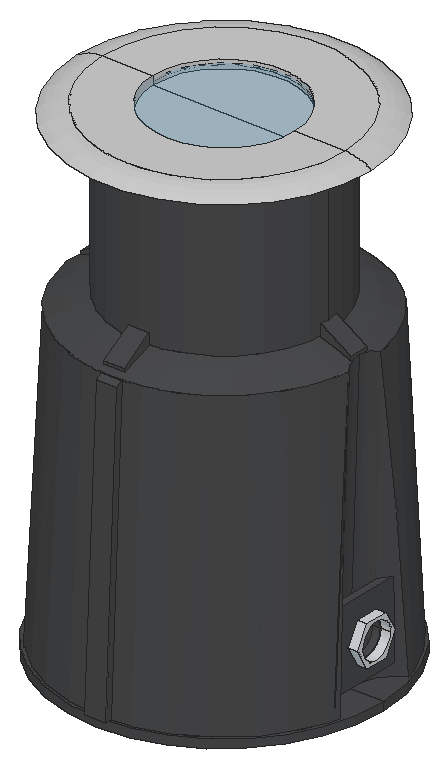
Revit family "MINI UNDERWATER 3W ASIMETRICA_LKSC01WW_CW", category Luminarias, Revit 2019
Family settings
  Cota de conector redondo = Diámetro de uso
  Tipo de pieza = Normal
  Se basa en plano de trabajo = Sí
  Siempre vertical = No
  Corte con vacíos al cargar = No
  Origen de luz = Sí
  Compartido = No
  Punto de cálculo de habitación = No
Parameters (values of type "SUB_LKSC01CW")
  Ángulo de inclinación = 105.00°
  Ángulo de enfoque = 30.00°
  Ángulo de campo de foco = 90.00°
  Zone [instance] = ""
  Watt per fixture = 3
  Wattage = 3 W
  built-in parameter 1150107 = 6000 (stored number, unit not read)
  built-in parameter 1150110 = 1 (stored number, unit not read)
  built-in parameter 1150109 = 1 (stored number, unit not read)
  built-in parameter 1150112 = 1 (stored number, unit not read)
  built-in parameter 1150113 = 1 (stored number, unit not read)
  built-in parameter 1114218 = 1 (stored number, unit not read)
  Keynote = ""
  built-in parameter 1150137 = (empty or 0)
  built-in parameter 1150132 = (empty or 0)
  Modelo = "LKSC01CW"
  Lámpara = "OSRAM"
  Longitud de símbolo de origen de luz = 500 mm
  built-in parameter 1150105 = 478.06 (stored number, unit not read)
  built-in parameter 1150102 = (empty or 0)
  built-in parameter 1150106 = 4.7806 (stored number, unit not read)
  Lumens = 142.98 lm
  Color Filter = 16777215
  built-in parameter 1114217 = 1 (stored number, unit not read)
  built-in parameter 1150139 = (empty or 0)
  Fabricante = "BRILLANT"
  Default Elevation = 0 mm
  built-in parameter 1150104 = 4.4278 (stored number, unit not read)
  Descripción = "LUMINARIA SUB ACUATICA TIPO PUNTUAL PARA EMPOTRAR EN PISO 68.5MM DE DIAMETRO POR 135MM DE ALTO CONSIDERANDO EL HOUSING, ACABADO EN ACERO INOXIDABLE, CUERPO MOLDEADO EN CROMO, SELLO DE SILICON, VIDRIO TEMPLADO DE 7MM, 1 LED TIPO OSRAM CON UN CONSUMO TOTAL DE 3 W, 143 LUMENES, CON UNA TEMPERATURA EN BLANCO FRIO 6000K , IP 68, IK 08, SUMERGIBLE MAXIMO 2M, CABLE H07RN DE 3M, APERTURA ASIMETRICA EN 45X35 GRADOS, ALIMENTADA A 24V. REQUIERE ACCESORIOS."
  built-in parameter 1150115 = 1 (stored number, unit not read)
  built-in parameter 1150114 = 1 (stored number, unit not read)
  Comentarios de vataje = "24V"
  built-in parameter 1150138 = (empty or 0)
  built-in parameter 1150134 = 5
  Circuit [instance] = ""
  Dimming Lamp Color Temperature Shift = (empty or 0)
  built-in parameter 1150133 = 10 (stored number, unit not read)
Types (2, lengths in mm): name | built-in parameter 1150107 | Modelo | built-in parameter 1150105 | built-in parameter 1150106 | Lumens | built-in parameter 1150104 | Descripción | built-in parameter 1150134
  SUB_LKSC01WW | 3000 (stored number, unit not read) | "LKSC01WW" | 384.48 (stored number, unit not read) | 3.8448 (stored number, unit not read) | 114.99 lm | 3.561 (stored number, unit not read) | "LUMINARIA SUB ACUATICA TIPO PUNTUAL PARA EMPOTRAR EN PISO 68.5MM DE DIAMETRO POR 135MM DE ALTO CONSIDERANDO EL HOUSING, ACABADO EN ACERO INOXIDABLE, CUERPO MOLDEADO EN CROMO, SELLO DE SILICON, VIDRIO TEMPLADO DE 7MM, 1 LED TIPO OSRAM CON UN CONSUMO TOTAL DE 3 W, 115 LUMENES, CON UNA TEMPERATURA EN BLANCO CALIDO 3000K , IP 68, IK 08, SUMERGIBLE MAXIMO 2M, CABLE H07RN DE 3M, APERTURA ASIMETRICA EN 45X35 GRADOS, ALIMENTADA A 24V. REQUIERE ACCESORIOS." | (empty or 0)
  SUB_LKSC01CW | 6000 (stored number, unit not read) | "LKSC01CW" | 478.06 (stored number, unit not read) | 4.7806 (stored number, unit not read) | 142.98 lm | 4.4278 (stored number, unit not read) | "LUMINARIA SUB ACUATICA TIPO PUNTUAL PARA EMPOTRAR EN PISO 68.5MM DE DIAMETRO POR 135MM DE ALTO CONSIDERANDO EL HOUSING, ACABADO EN ACERO INOXIDABLE, CUERPO MOLDEADO EN CROMO, SELLO DE SILICON, VIDRIO TEMPLADO DE 7MM, 1 LED TIPO OSRAM CON UN CONSUMO TOTAL DE 3 W, 143 LUMENES, CON UNA TEMPERATURA EN BLANCO FRIO 6000K , IP 68, IK 08, SUMERGIBLE MAXIMO 2M, CABLE H07RN DE 3M, APERTURA ASIMETRICA EN 45X35 GRADOS, ALIMENTADA A 24V. REQUIERE ACCESORIOS." | 5
Reference planes
  plane 1 "Centro (Frontal/Posterior)": y = 0
  plane 2: z = 0
  plane 3 "Centro (Izquierda/Derecha)": x = 0
  plane 4: z = -135
  plane 5: x = -653.678
  plane 6: x = 600
  plane 7: z = -77
  plane 8: z = -93
Forms (mm)
  Revolve 1, solid, material "Acero Inoxidable"
    sketch origin (0, 0, 0) x (1, 0, 0) y (0, 0, 1)
      loop
        line (-20, 2.379) -> (-34.2, 2.379)
        arc (-34.2, 2.379) -> (-37.988, 1.769) -> (-41.393, 0) r 12.065
        line (-41.393, 0) -> (-20.59, 0) -> (-20.59, -8.098)
        arc (-20.59, -8.098) -> (-19.091, -9.597) -> (-20.59, -11.095) r 1.499
        line (-20.59, -11.095) -> (-20.59, -19.348)
        arc (-20.59, -19.348) -> (-19.091, -20.847) -> (-20.59, -22.345) r 1.499
        line (-20.59, -22.345) -> (-20.59, -24.348)
        arc (-20.59, -24.348) -> (-19.091, -25.847) -> (-20.59, -27.345) r 1.499
        line (-20.59, -27.345) -> (-20.59, -83.051) -> (0, -83.051) -> (0, 0) -> (-20, 0) -> (-20, 2.379)
      axis (0, 2.379) -> (0, -83.051)
    angle from 0 to 360
  Extrusion 2, solid, material "Cristal"
    sketch origin (0, 0, 0) x (1, 0, 0) y (0, 1, 0)
      loop
        circle (0, 0) r 20
    from 0.921 to 1.499
  Extrusion 3, solid, material "Plastico"
    sketch origin (0, 0, 0) x (1, 0, 0) y (0, 1, 0)
      loop
        circle (0, 0) r 5
    from -93 to -83.051
  Revolve 4, solid, material "Plastico"
    sketch origin (0, 0, 0) x (1, 0, 0) y (0, 0, 1)
      loop
        line (-27.167, -0.047) -> (-29.547, -0.047) -> (-29.547, -44.65)
        arc (-29.547, -44.65) -> (-34.9, -46.407) -> (-40, -48.802) r 46.304
        line (-40, -48.802) -> (-44.051, -132.6) -> (-45, -132.6) -> (-45, -135) -> (0, -135) -> (0, -132.6) -> (-32.968, -132.6) -> (-32.968, -53.781)
        arc (-32.968, -53.781) -> (-30.104, -52.633) -> (-27.167, -51.69) r 43.904
        line (-27.167, -51.69) -> (-27.167, -0.047)
      axis (0, -0.047) -> (0, -135)
    angle from 0 to 360
  Revolve 5, void
    sketch origin (0, 0, 0) x (1, 0, 0) y (0, 0, 1)
      loop
        line (-35, -132.6) -> (-38.664, -27.664) -> (-48.664, -27.664) -> (-48.664, -132.6) -> (-35, -132.6)
      axis (-48.664, -27.664) -> (-48.664, -132.6)
    angle from 0 to 360
  Revolve 6, void
    sketch origin (0, 0, 0) x (-1, 0, 0) y (0, 0, 1)
      loop
        line (-35, -132.6) -> (-38.664, -27.664) -> (-48.664, -27.664) -> (-48.664, -132.6) -> (-35, -132.6)
      axis (-48.664, -27.664) -> (-48.664, -132.6)
    angle from 0 to 360
  Extrusion 7, solid, material "Plastico"
    sketch origin (0, 0, 0) x (1, 0, 0) y (0, 0, 1)
      loop
        arc (-37.962, -47.754) -> (-33.832, -46.06) -> (-29.577, -44.715) r 53.885
        line (-29.577, -44.715) -> (-29.577, -41.544) -> (-37.962, -46.912) -> (-37.962, -47.754)
      loop
        line (37.962, -47.754) -> (37.962, -46.912) -> (29.577, -41.544) -> (29.577, -44.715)
        arc (29.577, -44.715) -> (33.832, -46.06) -> (37.962, -47.754) r 53.885
    from -2.75 to 2.986
  Extrusion 8, solid, material "Plastico"
    sketch origin (-0.118, -0.117, 0) x (0.011045, 0.999939, 0) y (0, 0, 1)
      loop
        arc (-37.962, -47.754) -> (-33.832, -46.06) -> (-29.577, -44.715) r 53.885
        line (-29.577, -44.715) -> (-29.577, -41.544) -> (-37.962, -46.912) -> (-37.962, -47.754)
      loop
        line (37.962, -47.754) -> (37.962, -46.912) -> (29.577, -41.544) -> (29.577, -44.715)
        arc (29.577, -44.715) -> (33.832, -46.06) -> (37.962, -47.754) r 53.885
    from -2.75 to 2.986
  Extrusion 9, solid, material "Plastico"
    sketch origin (0, 0, 0) x (0, 1, 0) y (0, 0, 1)
      loop
        arc (-40, -48.802) -> (-40.885, -49.336) -> (-41.755, -49.894) r 37.424
        line (-41.755, -49.894) -> (-45.753, -132.6) -> (-44.051, -132.6) -> (-40, -48.802)
      loop
        line (40, -48.802) -> (44.051, -132.6) -> (45.753, -132.6) -> (41.755, -49.894)
        arc (41.755, -49.894) -> (40.885, -49.336) -> (40, -48.802) r 37.424
    from -2.494 to 3.257
  Extrusion 10, solid
    sketch origin (0, 0, 0) x (0, 1, 0) y (0, 0, 1)
      loop
        circle (0, -118) r 5
      loop
        line (-6.536, -118) -> (-3.268, -123.66) -> (3.268, -123.66) -> (6.536, -118) -> (3.268, -112.34) -> (-3.268, -112.34) -> (-6.536, -118)
    from 40.027 to 42.913
  Extrusion 11, void
    sketch origin (0, 0, 0) x (0, 1, 0) y (0, 0, 1)
      loop
        circle (0, -118) r 5
    from 0 to 48.118
  Extrusion 12, solid, material "Plastico"
    sketch origin (0, 0, 0) x (0, 1, 0) y (0, 0, 1)
      loop
        line (9.638, -128.761) -> (9.638, -106.835) -> (-9.638, -106.835) -> (-9.638, -128.761) -> (9.638, -128.761)
    from 37.962 to 40.027
  Extrusion 13, void
    sketch origin (0, 0, 0) x (0, 1, 0) y (0, 0, 1)
      loop
        circle (0, -118) r 5
    from 0 to 44.792
Cuts and joins
  Revolve 5, Revolve 6, Extrusion 11, Extrusion 13 cuts Revolve 4
  Extrusion 13 cuts Extrusion 10
  Extrusion 13 cuts Extrusion 12
Dimensions and locks
  plane 2 to plane 4 = 135 mm
  level to plane 4 = 135 mm
  level to plane 7 = 77 mm
  plane 2 to plane 8 = 93 mm
  Revolve 4 sketch curve to Revolve 4 sketch curve = 27.167 mm
  aligned and locked: level to plane 2
Connectors
  electrical at (42.913, 0, -118)
    settings: on cut or joined group of Extrusion 10, Extrusion 13, index 1, voltage 24 V, apparent load 0 VA, apparent load phase1 0 VA, apparent load phase2 0 VA, apparent load phase3 0 VA, power factor 1, load classification "Otro", number of poles 1, system type 31, power factor state 1, is connector primary yes, connector utility no, sub classification motor no, connector description ""
